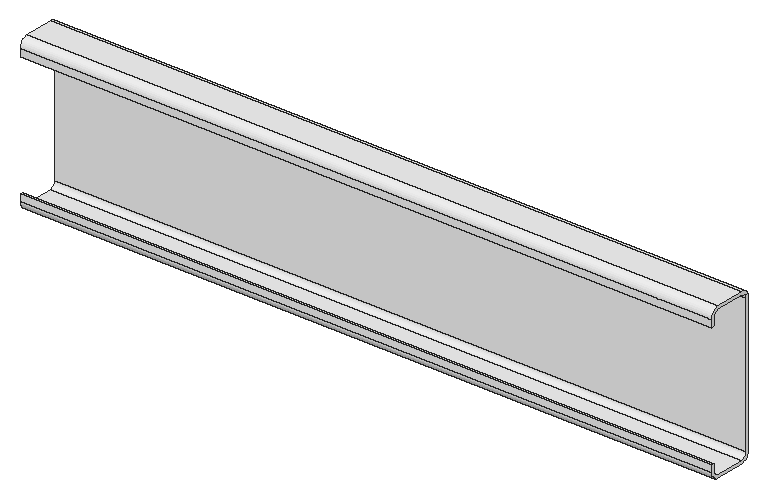
Revit family
Parameters (values of type "LC-250x75x25x4.5")
  x = 20.4 mm
  tw = 4.5 mm
  r = 9 mm
  d = 25 mm
  W = 0.146
  시작 확장 계산 [instance] = 3012.5 mm + 시작 확장  # 3000 mm
  시작 확장 [instance] = -12.5 mm
  끝 확장 계산 [instance] = 3012.5 mm + 끝 확장  # 3000 mm
  끝 확장 [instance] = -12.5 mm
  R = r + tw  # 13.5 mm
  보 재료 [instance] = 금속 - 스틸 - 345 MPa
  B = 75 mm
  Assembly Code = "B10"
  Length [instance] = 1500 mm
  H = 250 mm
  A = 1892.00 mm²
Reference planes
  plane 1 "중심(앞/뒤)": y = 0
  plane 2: z = 0
  plane 3 "중심(왼쪽/오른쪽)": x = 0.008
  plane 4 "왼쪽 부재": x = -556.99
  plane 5 "오른쪽 부재": x = 566.21
  plane 6 "상단": z = 125
  plane 7: z = -125
  plane 8 "왼쪽": x = -757.39
  plane 9 "오른쪽": x = 742.61
  plane 10: x = -556.99
  plane 11: x = 566.21
  plane 12: x = 2443.01
  plane 13: x = -2433.79
  plane 14: z = -100
  plane 15: z = 100
  plane 16: z = 111.5
  plane 17: z = -111.5
  plane 18: y = 20.4
  plane 19: y = -54.6
  plane 20: y = 6.9
  plane 21: y = -41.1
Forms (mm)
  Sweep 1, solid, material "금속 - 스틸 - 345 MPa" <- "보 재료", detail levels medium
    path origin (0, 0, 0) x (1, 0, 0) y (0, 1, 0)
      loop
        line (-556.99, -54.6) -> (566.21, -54.6)
    profile origin (4.61, -54.6, 0) x (0, 1, 0) y (0, 0, 1)
      loop
        line (0, 125) -> (0, 100) -> (4.5, 100) -> (4.5, 120.5) -> (70.5, 120.5) -> (70.5, -120.5) -> (4.5, -120.5) -> (4.5, -100) -> (0, -100) -> (0, -125) -> (75, -125) -> (75, 125) -> (0, 125)
  Sweep 2, solid, material "금속 - 스틸 - 345 MPa" <- "보 재료", detail levels fine
    path origin (0, 0, 0) x (1, 0, 0) y (0, 1, 0)
      loop
        line (-556.99, 20.4) -> (566.21, 20.4)
    profile origin (4.61, 20.4, 0) x (0, 1, 0) y (0, 0, 1)
      loop
        line (-75, 100) -> (-70.5, 100) -> (-70.5, 111.5)
        arc (-70.5, 111.5) -> (-67.864, 117.864) -> (-61.5, 120.5) r 9
        line (-61.5, 120.5) -> (-13.5, 120.5)
        arc (-13.5, 120.5) -> (-7.136, 117.864) -> (-4.5, 111.5) r 9
        line (-4.5, 111.5) -> (-4.5, -111.5)
        arc (-4.5, -111.5) -> (-7.136, -117.864) -> (-13.5, -120.5) r 9
        line (-13.5, -120.5) -> (-61.5, -120.5)
        arc (-61.5, -120.5) -> (-67.864, -117.864) -> (-70.5, -111.5) r 9
        line (-70.5, -111.5) -> (-70.5, -100) -> (-75, -100) -> (-75, -111.5)
        arc (-75, -111.5) -> (-71.046, -121.046) -> (-61.5, -125) r 13.5
        line (-61.5, -125) -> (-13.5, -125)
        arc (-13.5, -125) -> (-3.954, -121.046) -> (0, -111.5) r 13.5
        line (0, -111.5) -> (0, 111.5)
        arc (0, 111.5) -> (-3.954, 121.046) -> (-13.5, 125) r 13.5
        line (-13.5, 125) -> (-61.5, 125)
        arc (-61.5, 125) -> (-71.046, 121.046) -> (-75, 111.5) r 13.5
        line (-75, 111.5) -> (-75, 100)
Lines and regions (mm)
  symbolic lines, style "숨겨진 면", detail levels medium+fine
    curve 1: line (-556.99, 15.9, 0) -> (566.21, 15.9, 0)
    curve 2: line (-556.99, 4.762, 120.5) -> (566.21, 4.762, 120.5)
    curve 3: line (-556.99, 4.763, -120.5) -> (566.21, 4.763, -120.5)
    curve 4: line (-556.99, -50.1, 0) -> (566.21, -50.1, 0)
    curve 5: line (566.21, 0, 100) -> (-556.99, 0, 100)
    curve 6: line (566.21, 0, -100) -> (-556.99, 0, -100)
  symbolic lines, style "기호 부착", detail levels coarse
    curve 7: line (-757.39, -54.6, 100) -> (-757.39, -54.6, 125)
    curve 8: line (-757.39, -54.6, 125) -> (-757.39, 20.4, 125)
    curve 9: line (-757.39, 20.4, 125) -> (-757.39, 20.4, -125)
    curve 10: line (-757.39, 20.4, -125) -> (-757.39, -54.6, -125)
    curve 11: line (-757.39, -54.6, -125) -> (-757.39, -54.6, -100)
Dimensions and locks
  "H": plane 7 to plane 6 "상단"
  equal spacing: plane 7, plane 2, plane 6 "상단"
  "Length": plane 8 "왼쪽" to plane 9 "오른쪽"
  locked: plane 4 "왼쪽 부재" to plane 12 at 3000
  locked: plane 13 to plane 5 "오른쪽 부재" at 3000
  "끝 확장 계산": plane 13 to plane 11
  "시작 확장 계산": plane 10 to plane 12
  "d": plane 7 to plane 14
  "d": plane 15 to plane 6 "상단"
  "R": plane 6 "상단" to plane 16
  "R": plane 17 to plane 7
  "x": plane 18 to plane 1 "중심(앞/뒤)"
  "B": plane 18 to plane 19
  "R": plane 18 to plane 20
  "R": plane 21 to plane 19
  "tw": Sweep 1 sketch curve to plane 19  (x2)
  "tw": plane 6 "상단" to Sweep 1 sketch curve
  "tw": plane 18 to Sweep 1 sketch curve
  "tw": plane 7 to Sweep 1 sketch curve
  "r": radius of Sweep 2 sketch curve  (x4)
  aligned and locked: plane 10 to curve 2
  aligned and locked: plane 10 to curve 3
  aligned and locked: plane 11 to curve 5
  aligned and locked: plane 11 to curve 6
  aligned and locked: plane 10 to curve 5
  aligned and locked: plane 11 to curve 2
  aligned and locked: plane 11 to curve 3
  aligned and locked: curve 5 to plane 15
  aligned and locked: plane 11 to Sweep 1 sketch curve
  aligned and locked: Sweep 1 sketch curve to plane 19  (x2)
  aligned and locked: plane 15 to Sweep 1 sketch curve
  aligned and locked: plane 19 to Sweep 1 sketch curve
  aligned and locked: plane 14 to Sweep 1 sketch curve
  aligned and locked: plane 7 to Sweep 1 sketch curve
  aligned and locked: plane 18 to Sweep 1 sketch curve
  aligned and locked: Sweep 1 sketch curve to plane 6 "상단"
  aligned and locked: plane 11 to Sweep 2 sketch curve
  aligned and locked: Sweep 2 sketch curve to plane 18
  aligned and locked: plane 15 to Sweep 2 sketch curve  (x2)
  aligned and locked: Sweep 2 sketch curve to plane 19  (x2)
  aligned and locked: Sweep 2 sketch curve to plane 6 "상단"
  aligned and locked: plane 18 to Sweep 2 sketch curve
  aligned and locked: plane 7 to Sweep 2 sketch curve
  aligned and locked: plane 20 to Sweep 2 sketch curve  (x2)
  aligned and locked: plane 16 to Sweep 2 sketch curve  (x2)
  aligned and locked: plane 21 to Sweep 2 sketch curve  (x2)
  aligned and locked: plane 17 to Sweep 2 sketch curve  (x2)
  aligned and locked: curve 4 to Sweep 2
  aligned and locked: curve 1 to Sweep 1
  aligned and locked: plane 15 to curve 7
  aligned and locked: curve 7 to plane 19
  aligned and locked: curve 8 to plane 6 "상단"
  aligned and locked: plane 18 to curve 9
  aligned and locked: plane 7 to curve 10
  aligned and locked: plane 14 to curve 11
  aligned and locked: curve 11 to plane 19
  aligned and locked: curve 2 to Sweep 1
  aligned and locked: curve 3 to Sweep 1
  aligned and locked: plane 10 to Sweep 1 sketch curve
  aligned and locked: plane 10 to Sweep 2 sketch curve
  aligned and locked: plane 10 to curve 1
  aligned and locked: plane 10 to curve 4
  aligned and locked: plane 11 to curve 1
  aligned and locked: plane 11 to curve 4
  aligned and locked: plane 10 to curve 6
  aligned and locked: curve 6 to Sweep 2
  aligned and locked: plane 14 to Sweep 2 sketch curve
Automatic sketch dimensions
  Sweep 2 sketch curve to Sweep 2 sketch curve = 0 mm  (x4)
  curve 5 to plane 15 = 0 mm
